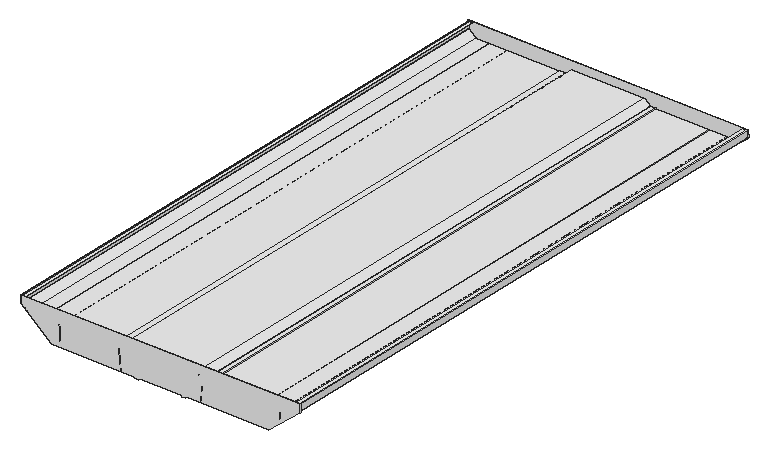
Revit family "LHBC", category Lighting Fixtures, host Face, Revit 2019
Family settings
  Host = Face
  Round Connector Dimension = Use Diameter
  Part Type = Normal
  OmniClass Number = 23.80.70.11.14.11
  OmniClass Title = Downlights
  Cut with Voids When Loaded = No
  Light Source = Yes
  Shared = No
  Room Calculation Point = No
Parameters (values of type "LHBC448-LED840K600LUNV")
  Width = 2' - 0"
  Wattage = 412 W
  built-in parameter 1150110 = 1 (stored number, unit not read)
  Voltage = 120 V
  URL = "https://www.viscor.com/en/products/lhbc"
  built-in parameter 1114217 = 0.9 (stored number, unit not read)
  Tilt Angle = -90.00°
  built-in parameter 1150109 = 1 (stored number, unit not read)
  built-in parameter 1150134 = 12
  built-in parameter 1150113 = 1 (stored number, unit not read)
  Surface Ceiling = 0' - 0 3/16"
  Photometric Web File = "LHBC448-LED840K600LUNV_G002399.IES"
  Model = "LHBC"  # constant formula
  Manufacturer = "VISIONEERING by VISCOR"  # constant formula
  built-in parameter 1150105 = 4917.9 (stored number, unit not read)
  Lumens = 61800 lm
  built-in parameter 1150115 = 1 (stored number, unit not read)
  built-in parameter 1150137 = (empty or 0)
  built-in parameter 1150139 = (empty or 0)
  Length = 4' - 0"
  Lamp Wattage = 412 VA
  built-in parameter 1150112 = 1 (stored number, unit not read)
  built-in parameter 1150114 = 1 (stored number, unit not read)
  Lamp = "LED"  # constant formula
  Keynote = ""
  built-in parameter 1150132 = (empty or 0)
  built-in parameter 1150102 = (empty or 0)
  built-in parameter 1150107 = 4000 (stored number, unit not read)
  built-in parameter 1150138 = (empty or 0)
  built-in parameter 1150106 = 49.179 (stored number, unit not read)
  Housing Finish = Metal - Viscor - White
  Emit from Rectangle Width = 4' - 0"
  Emit from Rectangle Length = 2' - 0"
  Emit Shape Visible in Rendering = no
  built-in parameter 1150104 = 13.935 (stored number, unit not read)
  Dimming Lamp Color Temperature Shift = <None>
  Description = "High Efficacy LED High Bay"  # constant formula
  Default Elevation = 4' - 0"
  Color Filter = 16777215
  built-in parameter 1114218 = 1 (stored number, unit not read)
  built-in parameter 1150133 = 10 (stored number, unit not read)
  Assembly Code = ""
  Apparent Load = Lamp Wattage  # 412 VA
Types (12): name | Width | Wattage | Photometric Web File | built-in parameter 1150105 | Lumens | Length | Lamp Wattage | built-in parameter 1150106 | Emit from Rectangle Width | Emit from Rectangle Length | built-in parameter 1150104 | Assembly Code | Apparent Load
  (no name) | 2' - 0" | 412 W | "LHBC448-LED840K600LUNV_G002399.IES" | 4917.9 (stored number, unit not read) | 61800 lm | 4' - 0" | 412 VA | 49.179 (stored number, unit not read) | 4' - 0" | 2' - 0" | 13.935 (stored number, unit not read) | "" | 412 VA
  LHBC224-LED840K120LUNV | 1' - 4" | 78 W | "LHBC224-LED840K120LUNV-G002339.IES" | 955.88 (stored number, unit not read) | 12012 lm | 2' - 0" | 78 VA | 9.5588 (stored number, unit not read) | 2' - 0" | 1' - 4" | 14.307 (stored number, unit not read) | "D5020200" | 78 VA
  LHBC224-LED840K150LUNV | 1' - 4" | 102 W | "LHBC224-LED840K150LUNV-G002341.IES" | 1225.7 (stored number, unit not read) | 15402 lm | 2' - 0" | 102 VA | 12.257 (stored number, unit not read) | 2' - 0" | 1' - 4" | 14.028 (stored number, unit not read) | "" | 102 VA
  LHBC248-LED840K240LUNV | 1' - 4" | 154 W | "LHBC248-LED840K240LUNV_G002372.IES" | 1911.8 (stored number, unit not read) | 24024 lm | 4' - 0" | 154 VA | 19.118 (stored number, unit not read) | 4' - 0" | 1' - 4" | 14.493 (stored number, unit not read) | "" | 154 VA
  LHBC248-LED840K300LUNV | 1' - 4" | 203 W | "LHBC248-LED840K300LUNV_G002378.IES" | 2439.3 (stored number, unit not read) | 30653 lm | 4' - 0" | 203 VA | 24.393 (stored number, unit not read) | 4' - 0" | 1' - 4" | 14.028 (stored number, unit not read) | "" | 203 VA
  LHBC424-LED840K180LUNV | 2' - 0" | 118 W | "LHBC424-LED840K180LUNV-G002347.IES" | 1427.3 (stored number, unit not read) | 17936 lm | 2' - 0" | 118 VA | 14.273 (stored number, unit not read) | 2' - 0" | 2' - 0" | 14.121 (stored number, unit not read) | "" | 118 VA
  LHBC424-LED840K240LUNV | 2' - 0" | 154 W | "LHBC424-LED840K240LUNV_G002353.IES" | 1911.8 (stored number, unit not read) | 24024 lm | 2' - 0" | 154 VA | 19.118 (stored number, unit not read) | 2' - 0" | 2' - 0" | 14.493 (stored number, unit not read) | "" | 154 VA
  LHBC424-LED840K300LUNV | 2' - 0" | 203 W | "LHBC424-LED840K300LUNV-G002359.IES" | 2439.3 (stored number, unit not read) | 30653 lm | 2' - 0" | 203 VA | 24.393 (stored number, unit not read) | 2' - 0" | 4' - 0" | 14.028 (stored number, unit not read) | "" | 203 VA
  LHBC448-LED840K360LUNV | 2' - 0" | 234 W | "LHBC448-LED840K360LUNV_G002391.IES" | 2904.9 (stored number, unit not read) | 36504 lm | 4' - 0" | 234 VA | 29.049 (stored number, unit not read) | 4' - 0" | 2' - 0" | 14.493 (stored number, unit not read) | "" | 234 VA
  LHBC448-LED840K420LUNV | 2' - 0" | 279 W | "LHBC448-LED840K420LUNV_G002385.IES" | 3396.9 (stored number, unit not read) | 42687 lm | 4' - 0" | 279 VA | 33.969 (stored number, unit not read) | 4' - 0" | 2' - 0" | 14.214 (stored number, unit not read) | "" | 279 VA
  LHBC448-LED840K480LUNV | 2' - 0" | 312 W | "LHBC448-LED840K480LUNV-G002395.IES" | 3848.4 (stored number, unit not read) | 48360 lm | 4' - 0" | 312 VA | 38.484 (stored number, unit not read) | 4' - 0" | 2' - 0" | 14.4 (stored number, unit not read) | "" | 312 VA
  LHBC448-LED840K600LUNV | 2' - 0" | 412 W | "LHBC448-LED840K600LUNV_G002399.IES" | 4917.9 (stored number, unit not read) | 61800 lm | 4' - 0" | 412 VA | 49.179 (stored number, unit not read) | 4' - 0" | 2' - 0" | 13.935 (stored number, unit not read) | "" | 412 VA
Reference planes (in)
  plane 1 "Center (Front/Back)": y = 0
  plane 2 "Ceiling Surface": z = 0
  plane 3 "Center (Left/Right)": x = 0
  plane 4: y = 24
  plane 5: y = -24
  plane 6 "Left": x = -12
  plane 7 "Right": x = 12
  plane 8 "Back of Body": z = 0.1875
  plane 9 "BodyLength1": y = 23.97
  plane 10 "BodyLength2": y = -23.97
Forms (in)
  Extrusion 1, solid, material "Metal - Viscor - White" <- "Housing Finish"
    sketch origin (0, 0, 0) x (1, 0, 0) y (0, 0, 1)
      loop
        line (-11.5845, 2.936) -> (-11.9, 2.936)
        arc (-11.9, 2.936) -> (-11.94879, 2.91579) -> (-11.969, 2.867) r 0.069
        line (-11.969, 2.867) -> (-11.969, 2.37518)
        arc (-11.969, 2.37518) -> (-11.96255, 2.34605) -> (-11.94441, 2.32236) r 0.069
        line (-11.94441, 2.32236) -> (-11.34929, 1.823) -> (-3.62197, 1.823)
        arc (-3.62197, 1.823) -> (-3.59562, 1.81275) -> (-3.58312, 1.7874) r 0.039
        line (-3.58312, 1.7874) -> (-3.44301, 0.18599)
        arc (-3.44301, 0.18599) -> (-3.42089, 0.14113) -> (-3.37427, 0.123) r 0.069
        line (-3.37427, 0.123) -> (3.37427, 0.123)
        arc (3.37427, 0.123) -> (3.42089, 0.14113) -> (3.44301, 0.18599) r 0.069
        line (3.44301, 0.18599) -> (3.58312, 1.7874)
        arc (3.58312, 1.7874) -> (3.59562, 1.81275) -> (3.62197, 1.823) r 0.039
        line (3.62197, 1.823) -> (11.34929, 1.823) -> (11.9443, 2.32227)
        arc (11.9443, 2.32227) -> (11.96252, 2.34598) -> (11.969, 2.37518) r 0.069
        line (11.969, 2.37518) -> (11.969, 2.867)
        arc (11.969, 2.867) -> (11.94879, 2.91579) -> (11.9, 2.936) r 0.069
        line (11.9, 2.936) -> (11.5845, 2.936) -> (11.5845, 2.90475) -> (11.9, 2.90475)
        arc (11.9, 2.90475) -> (11.92669, 2.89369) -> (11.93775, 2.867) r 0.03775
        line (11.93775, 2.867) -> (11.93775, 2.35757) -> (11.33791, 1.85425) -> (3.62197, 1.85425)
        arc (3.62197, 1.85425) -> (3.57451, 1.83579) -> (3.55198, 1.79012) r 0.07025
        line (3.55198, 1.79012) -> (3.41188, 0.18871)
        arc (3.41188, 0.18871) -> (3.39978, 0.16417) -> (3.37427, 0.15425) r 0.03775
        line (3.37427, 0.15425) -> (-3.37427, 0.15425)
        arc (-3.37427, 0.15425) -> (-3.39978, 0.16417) -> (-3.41188, 0.18871) r 0.03775
        line (-3.41188, 0.18871) -> (-3.55198, 1.79012)
        arc (-3.55198, 1.79012) -> (-3.57451, 1.83579) -> (-3.62197, 1.85425) r 0.07025
        line (-3.62197, 1.85425) -> (-11.33791, 1.85425) -> (-11.9243, 2.34629)
        arc (-11.9243, 2.34629) -> (-11.93422, 2.35924) -> (-11.93775, 2.37518) r 0.03775
        line (-11.93775, 2.37518) -> (-11.93775, 2.867)
        arc (-11.93775, 2.867) -> (-11.92669, 2.89369) -> (-11.9, 2.90475) r 0.03775
        line (-11.9, 2.90475) -> (-11.5845, 2.90475) -> (-11.5845, 2.936)
    from -23.97 to 23.97
  Extrusion 2, solid, material "Metal - Viscor - White" <- "Housing Finish"
    sketch origin (0, 0, 0) x (1, 0, 0) y (0, 0, 1)
      loop
        line (-3.11309, 2.28) -> (3.11309, 2.28) -> (3.62048, 1.85425) -> (4.12486, 1.85425) -> (4.12486, 1.8855) -> (3.63185, 1.8855) -> (3.12446, 2.31125) -> (-3.12446, 2.31125) -> (-3.63185, 1.8855) -> (-4.12435, 1.8855) -> (-4.12435, 1.85425) -> (-3.62048, 1.85425) -> (-3.11309, 2.28)
    from -23.97 to 23.97
  Extrusion 3, solid
    sketch origin (0, 0, 0) x (1, 0, 0) y (0, 0, 1)
      loop
        line (-10.2505, 1.75081) -> (-10.2505, 1.198) -> (-10.21925, 1.198) -> (-10.21925, 1.75085)
        arc (-10.21925, 1.75085) -> (-10.20737, 1.77976) -> (-10.1785, 1.79175) r 0.04075
        line (-10.1785, 1.79175) -> (-8.6975, 1.79175)
        arc (-8.6975, 1.79175) -> (-8.66869, 1.77981) -> (-8.65675, 1.751) r 0.04075
        line (-8.65675, 1.751) -> (-8.65675, 0.573) -> (-8.6255, 0.573) -> (-8.6255, 1.751)
        arc (-8.6255, 1.751) -> (-8.64659, 1.80191) -> (-8.6975, 1.823) r 0.072
        line (-8.6975, 1.823) -> (-10.1785, 1.823)
        arc (-10.1785, 1.823) -> (-10.22948, 1.80184) -> (-10.2505, 1.75081) r 0.072
    from -23.97 to 23.97
  Extrusion 4, solid
    sketch origin (0, 0, 0) x (-1, 0, 0) y (0, 0, -1)
      loop
        arc (-10.2505, -1.75081) -> (-10.22948, -1.80184) -> (-10.1785, -1.823) r 0.072
        line (-10.1785, -1.823) -> (-8.6975, -1.823)
        arc (-8.6975, -1.823) -> (-8.64659, -1.80191) -> (-8.6255, -1.751) r 0.072
        line (-8.6255, -1.751) -> (-8.6255, -0.573) -> (-8.65675, -0.573) -> (-8.65675, -1.751)
        arc (-8.65675, -1.751) -> (-8.66869, -1.77981) -> (-8.6975, -1.79175) r 0.04075
        line (-8.6975, -1.79175) -> (-10.1785, -1.79175)
        arc (-10.1785, -1.79175) -> (-10.20737, -1.77976) -> (-10.21925, -1.75085) r 0.04075
        line (-10.21925, -1.75085) -> (-10.21925, -1.198) -> (-10.2505, -1.198) -> (-10.2505, -1.75081)
    from -23.97 to 23.97
  Extrusion 5, solid, material "Metal - Viscor - White" <- "Housing Finish"
    sketch origin (0, 0, 0) x (1, 0, 0) y (0, 0, 1)
      loop
        line (-11.999, 2.966) -> (-11.999, 2.32901) -> (-9.33423, 0.093) -> (-2.26098, 0.093) -> (-2.15098, 0) -> (-1.84902, 0) -> (-1.73902, 0.093) -> (1.73902, 0.093) -> (1.84902, 0) -> (2.15098, 0) -> (2.26098, 0.093) -> (9.33423, 0.093) -> (11.999, 2.32901) -> (11.999, 2.966) -> (-11.999, 2.966)
    from -23.97 to -24
  Extrusion 6, solid, material "Metal - Viscor - White" <- "Housing Finish"
    sketch origin (0, 0, 0) x (1, 0, 0) y (0, 0, -1)
      loop
        line (-11.999, -2.966) -> (11.999, -2.966) -> (11.999, -2.32901) -> (9.33423, -0.093) -> (2.26098, -0.093) -> (2.15098, 0) -> (1.84902, 0) -> (1.73902, -0.093) -> (-1.73902, -0.093) -> (-1.84902, 0) -> (-2.15098, 0) -> (-2.26098, -0.093) -> (-9.33423, -0.093) -> (-11.999, -2.32901) -> (-11.999, -2.966)
    from -23.97 to -24
Dimensions and locks (in)
  equal spacing: plane 6 "Left", plane 3 "Center (Left/Right)", plane 7 "Right"
  "Width": plane 6 "Left" to plane 7 "Right"
  equal spacing: plane 4, plane 1 "Center (Front/Back)", plane 5
  "Length": plane 4 to plane 5
  "Surface Ceiling": plane 8 "Back of Body" to plane 2 "Ceiling Surface"
  locked: plane 9 "BodyLength1" to plane 4 at 0.03
  locked: plane 10 "BodyLength2" to plane 5 at 0.03
  Extrusion 2 sketch curve to plane 3 "Center (Left/Right)" to Extrusion 2 sketch curve = 0' - 3.12446", 0' - 3.12446"
  Extrusion 2 sketch curve to Extrusion 2 sketch curve to Extrusion 2 sketch curve = 0' - 0.4925", 0' - 0.50739"
  Extrusion 2 sketch curve to Extrusion 2 sketch curve to Extrusion 2 sketch curve = 0' - 0.493", 0' - 0.50739"
  aligned and locked: plane 2 "Ceiling Surface" to host face
  aligned and locked: level to host face
  aligned and locked: plane 9 "BodyLength1" to Extrusion 1
  aligned and locked: Extrusion 1 to plane 10 "BodyLength2"
  aligned and locked: plane 9 "BodyLength1" to Extrusion 2
  aligned and locked: Extrusion 2 to plane 10 "BodyLength2"
  aligned and locked: plane 9 "BodyLength1" to Extrusion 3
  aligned and locked: Extrusion 3 to plane 10 "BodyLength2"
  aligned and locked: plane 9 "BodyLength1" to Extrusion 4
  aligned and locked: Extrusion 4 to plane 10 "BodyLength2"
  aligned and locked: plane 4 to Extrusion 5
  aligned and locked: Extrusion 5 to plane 9 "BodyLength1"
  aligned and locked: Extrusion 6 to plane 5
  aligned and locked: plane 10 "BodyLength2" to Extrusion 6
Automatic sketch dimensions
  host sketch curve to host sketch curve = 8' - 0"  (x2)
  Extrusion 1 sketch curve to Extrusion 1 sketch curve = 0' - 0"  (x40)
  plane 6 "Left" to Extrusion 1 sketch curve = 0' - 0.05559"
  Extrusion 1 sketch curve to Extrusion 1 sketch curve = 0' - 0.0201"
  plane 6 "Left" to Extrusion 1 sketch curve = 0' - 0.1"
  Extrusion 1 sketch curve to Extrusion 1 sketch curve = 0' - 0.0243"
  Extrusion 1 sketch curve to Extrusion 1 sketch curve = 0' - 0.3155"
  plane 6 "Left" to Extrusion 1 sketch curve = 0' - 0.65071"
  Extrusion 1 sketch curve to Extrusion 1 sketch curve = 0' - 0.01137"  (x2)
  plane 8 "Back of Body" to Extrusion 1 sketch curve = 0' - 1.5965"  (x2)
  Extrusion 1 sketch curve to plane 3 "Center (Left/Right)" = 0' - 3.62197"
  plane 8 "Back of Body" to Extrusion 1 sketch curve = 0' - 0.0045"  (x2)
  Extrusion 1 sketch curve to Extrusion 1 sketch curve = 0' - 0.24769"  (x2)
  plane 3 "Center (Left/Right)" to Extrusion 1 sketch curve = 0' - 3.37427"
  Extrusion 1 sketch curve to plane 7 "Right" = 0' - 0.66209"
  Extrusion 1 sketch curve to plane 7 "Right" = 0' - 0.4155"
  Extrusion 1 sketch curve to plane 7 "Right" = 0' - 0.1"  (x2)
  Extrusion 1 sketch curve to Extrusion 1 sketch curve = 0' - 0.03775"  (x3)
  Extrusion 1 sketch curve to Extrusion 1 sketch curve = 0' - 0.00655"
  plane 8 "Back of Body" to Extrusion 1 sketch curve = 0' - 1.6355"  (x2)
  Extrusion 1 sketch curve to Extrusion 1 sketch curve = 0' - 0 1/32"  (x4)
  Extrusion 1 sketch curve to Extrusion 1 sketch curve = 0' - 0.46802"
  Extrusion 1 sketch curve to Extrusion 1 sketch curve = 0' - 0.46811"
  Extrusion 1 sketch curve to Extrusion 1 sketch curve = 0' - 0.02393"
  Extrusion 1 sketch curve to Extrusion 1 sketch curve = 0' - 0.0353"
  Extrusion 1 sketch curve to Extrusion 1 sketch curve = 0' - 0.02889"
  Extrusion 1 sketch curve to Extrusion 1 sketch curve = 0' - 0.0176"
  Extrusion 1 sketch curve to Extrusion 1 sketch curve = 0' - 0.49182"  (x2)
  Extrusion 1 sketch curve to Extrusion 1 sketch curve = 0' - 0.03885"
  plane 8 "Back of Body" to Extrusion 1 sketch curve = 0' - 1.5999"  (x2)
  Extrusion 1 sketch curve to Extrusion 1 sketch curve = 0' - 0.03113"  (x4)
  plane 8 "Back of Body" to Extrusion 1 sketch curve = 0' - 1.60262"  (x2)
  Extrusion 1 sketch curve to plane 8 "Back of Body" = 0' - 0.00151"  (x3)
  Extrusion 1 sketch curve to Extrusion 1 sketch curve = 0' - 0.06874"
  plane 8 "Back of Body" to Extrusion 1 sketch curve = 0' - 0.00121"  (x3)
  Extrusion 1 sketch curve to Extrusion 1 sketch curve = 0' - 0.03761"
  Extrusion 1 sketch curve to Extrusion 1 sketch curve = 0' - 0.06998"
  plane 8 "Back of Body" to Extrusion 2 sketch curve = 0' - 1.66675"  (x2)
  Extrusion 2 sketch curve to Extrusion 2 sketch curve = 0' - 0.01137"  (x4)
  Extrusion 2 sketch curve to Extrusion 2 sketch curve = 0' - 0 1/32"  (x3)
  Extrusion 2 sketch curve to Extrusion 2 sketch curve = 0' - 0.3945"
  Extrusion 3 sketch curve to Extrusion 3 sketch curve = 0' - 0"  (x6)
  plane 6 "Left" to Extrusion 3 sketch curve = 0' - 1.7495"
  Extrusion 3 sketch curve to Extrusion 3 sketch curve = 0' - 0 1/32"  (x2)
  Extrusion 3 sketch curve to Extrusion 3 sketch curve = 0' - 0.04075"  (x2)
  Extrusion 3 sketch curve to Extrusion 3 sketch curve = 0' - 1.481"
  plane 8 "Back of Body" to Extrusion 3 sketch curve = 0' - 0.3855"
  plane 8 "Back of Body" to Extrusion 3 sketch curve = 0' - 1.0105"
  Extrusion 3 sketch curve to Extrusion 3 sketch curve = 0' - 0.55281"
  Extrusion 3 sketch curve to Extrusion 3 sketch curve = 0' - 0.00005"
  Extrusion 3 sketch curve to Extrusion 3 sketch curve = 0' - 1.178"
  Extrusion 3 sketch curve to Extrusion 3 sketch curve = 0' - 0.00015"
  Extrusion 4 sketch curve to Extrusion 4 sketch curve = 0' - 0"  (x6)
  plane 7 "Right" to Extrusion 4 sketch curve = 0' - 1.7495"
  Extrusion 4 sketch curve to Extrusion 4 sketch curve = 0' - 0 1/32"  (x2)
  Extrusion 4 sketch curve to Extrusion 4 sketch curve = 0' - 0.04075"  (x2)
  Extrusion 4 sketch curve to Extrusion 4 sketch curve = 0' - 1.481"
  Extrusion 4 sketch curve to plane 8 "Back of Body" = 0' - 0.3855"
  Extrusion 4 sketch curve to plane 8 "Back of Body" = 0' - 1.0105"
  Extrusion 4 sketch curve to Extrusion 4 sketch curve = 0' - 0.55281"
  Extrusion 4 sketch curve to Extrusion 4 sketch curve = 0' - 0.00005"
  Extrusion 4 sketch curve to Extrusion 4 sketch curve = 0' - 1.178"
  Extrusion 4 sketch curve to Extrusion 4 sketch curve = 0' - 0.00015"
  Extrusion 5 sketch curve to level = 0' - 0"  (x2)
  plane 6 "Left" to Extrusion 5 sketch curve = 0' - 0.001"
  level to Extrusion 5 sketch curve = 0' - 0.093"  (x3)
  plane 6 "Left" to Extrusion 5 sketch curve = 0' - 2.66577"
  Extrusion 5 sketch curve to plane 3 "Center (Left/Right)" = 0' - 2.26098"
  Extrusion 5 sketch curve to Extrusion 5 sketch curve = 0' - 0.11"  (x4)
  Extrusion 5 sketch curve to Extrusion 5 sketch curve = 0' - 0.30196"  (x2)
  plane 3 "Center (Left/Right)" to Extrusion 5 sketch curve = 0' - 1.73902"
  Extrusion 5 sketch curve to plane 7 "Right" = 0' - 2.66577"
  Extrusion 5 sketch curve to plane 7 "Right" = 0' - 0.001"
  plane 8 "Back of Body" to Extrusion 5 sketch curve = 0' - 2.14151"  (x2)
  Extrusion 5 sketch curve to Extrusion 5 sketch curve = 0' - 0.63699"
  Extrusion 6 sketch curve to level = 0' - 0"  (x2)
  plane 6 "Left" to Extrusion 6 sketch curve = 0' - 0.001"
  level to Extrusion 6 sketch curve = 0' - 0.093"  (x3)
  plane 6 "Left" to Extrusion 6 sketch curve = 0' - 2.66577"
  Extrusion 6 sketch curve to plane 3 "Center (Left/Right)" = 0' - 2.26098"
  Extrusion 6 sketch curve to Extrusion 6 sketch curve = 0' - 0.11"  (x4)
  Extrusion 6 sketch curve to Extrusion 6 sketch curve = 0' - 0.30196"  (x2)
  plane 3 "Center (Left/Right)" to Extrusion 6 sketch curve = 0' - 1.73902"
  Extrusion 6 sketch curve to plane 7 "Right" = 0' - 2.66577"
  Extrusion 6 sketch curve to plane 7 "Right" = 0' - 0.001"
  plane 8 "Back of Body" to Extrusion 6 sketch curve = 0' - 2.14151"  (x2)
  Extrusion 6 sketch curve to Extrusion 6 sketch curve = 0' - 0.63699"
Connectors (in)
  electrical at (0, 0, 2.31125), driven by "Voltage"
    settings: on Extrusion 2, index 1, voltage 120 V, apparent load 0 VA, apparent load phase1 0 VA, apparent load phase2 0 VA, apparent load phase3 0 VA, power factor 1, load classification "Other", number of poles 1, system type 31, power factor state 1, is connector primary yes, connector utility no, sub classification motor no, connector description ""
